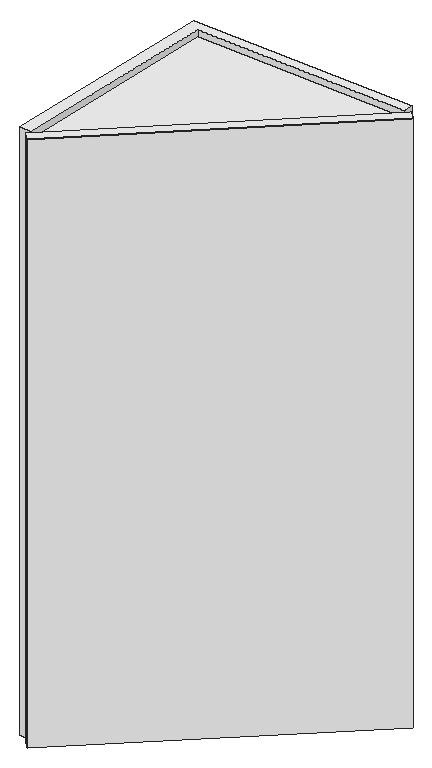
Revit family "Gaius Corner Mirror Cabinet_", category Casework, Revit 2012
Parameters (values of type "6532")
  URL = "www.korpinen.com"
  Model = "6533 Corner Mirror Cabinet"
  Material = Melamine White
  Manufacturer = "Korpinen Oy"
  Istallation Height [instance] = 1000 mm
  Depth = 0 mm
  Height = 900 mm
  Width = 0 mm
Types (3, lengths in mm): name | Model | Material
  (no name) | "6533 Corner Mirror Cabinet" | Melamine White
  6533 | "6533 Corner Cabinet" | Laminate White
  6532 | "6533 Corner Mirror Cabinet" | Melamine White
Reference planes
  plane 1 "Back": y = 0
  plane 2: z = 0
  plane 3 "Center (Left/Right)": x = 44.7
  plane 4 "Top": z = 1000
  plane 5: z = 1900
  plane 6: through (44.7, 0, 1200) normal (0.7071, 0.7071, 0)
Forms (mm)
  Extrusion 1, solid, material "Melamine White" <- "Material"
    sketch origin (2, 0, 0) x (1, 0, 0) y (0, 1, 0)
      loop
        line (42.7, 0) -> (42.7, -360) -> (60.7, -360) -> (60.7, -16) -> (402.7, -16) -> (402.7, 0) -> (42.7, 0)
    from 1000 to 1900
  Extrusion 2, solid, material "Melamine White" <- "Material"
    sketch origin (2, 0, 0) x (1, 0, 0) y (0, 1, 0)
      loop
        line (402.7, -16) -> (60.7, -16) -> (60.7, -358) -> (402.7, -16)
    from 1010 to 1026
  Extrusion 3, solid, material "Melamine White" <- "Material"
    sketch origin (0, 0, 1864) x (1, 0, 0) y (0, 1, 0)
      loop
        line (402.7, -16) -> (60.7, -16) -> (60.7, -358) -> (402.7, -16)
    from 10 to 26
  Extrusion 4, solid, material "Melamine White" <- "Material"
    sketch origin (4.828, -2.828, 0) x (1, 0, 0) y (0, 1, 0)
      loop
        line (54.924, -363.777) -> (66.237, -375.09) -> (419.791, -21.537) -> (408.477, -10.223) -> (54.924, -363.777)
    from 1000 to 1900
  Extrusion 5, solid, material "Mirror"
    sketch origin (16.142, -14.142, 0) x (1, 0, 0) y (0, 1, 0)
      loop
        line (54.924, -363.777) -> (57.752, -366.605) -> (411.305, -13.052) -> (408.477, -10.223) -> (54.924, -363.777)
    from 1000 to 1900
Lines and regions (mm)
  symbolic lines, style "Above Cutting Plane"
    curve 1: line (427.448, -27.194, 0) -> (73.894, -380.747, 0)
    curve 2: line (73.894, -380.747, 0) -> (44.7, -351.553, 0)
    curve 3: line (427.448, -27.194, 0) -> (400.254, 0, 0)
  symbolic lines, style "Above Cutting Plane", detail levels fine
    curve 4: line (427.448, -27.194, 0) -> (323.492, -516.268, 0)
    curve 5: arc (323.492, -516.268, 0) -> (188.868, -466.602, 0) -> (73.894, -380.747, 0) r 500
Dimensions and locks
  Extrusion 1 to Extrusion 1 = 360 mm  (x2)
  "Istallation Height": level to plane 4 "Top"
  "Height": plane 4 "Top" to plane 5
  plane 4 "Top" to Extrusion 2 to Extrusion 2 = 10 mm locked, 16 mm locked
  Extrusion 3 to Extrusion 3 to plane 5 = 16 mm locked, 10 mm locked
  aligned and locked: level to plane 2
  aligned and locked: plane 4 "Top" to Extrusion 1
  aligned and locked: plane 4 "Top" to Extrusion 4
  aligned and locked: plane 4 "Top" to Extrusion 5
  aligned and locked: Extrusion 5 to Extrusion 1
  aligned and locked: Extrusion 4 to Extrusion 1
  aligned and locked: Extrusion 1 to plane 5
Automatic sketch dimensions
  plane 1 "Back" to Extrusion 1 sketch curve = 0 mm
  plane 3 "Center (Left/Right)" to Extrusion 1 sketch curve = 0 mm
  plane 3 "Center (Left/Right)" to Extrusion 1 sketch curve = 18 mm
  plane 1 "Back" to Extrusion 1 sketch curve = 16 mm
  Extrusion 1 sketch curve to Extrusion 1 sketch curve = 344 mm
  plane 3 "Center (Left/Right)" to Extrusion 2 sketch curve = 18 mm
  plane 1 "Back" to Extrusion 2 sketch curve = 16 mm
  Extrusion 2 sketch curve to Extrusion 2 sketch curve = 342 mm  (x2)
  plane 3 "Center (Left/Right)" to Extrusion 3 sketch curve = 16 mm
  plane 1 "Back" to Extrusion 3 sketch curve = 16 mm
  Extrusion 3 sketch curve to Extrusion 3 sketch curve = 342 mm  (x2)
  plane 3 "Center (Left/Right)" to Extrusion 4 sketch curve = 15.052 mm
  Extrusion 4 sketch curve to Extrusion 4 sketch curve = 11.314 mm  (x2)
  plane 1 "Back" to Extrusion 4 sketch curve = 13.052 mm
  plane 3 "Center (Left/Right)" to Extrusion 5 sketch curve = 26.365 mm
  Extrusion 5 sketch curve to Extrusion 5 sketch curve = 2.828 mm  (x2)
  plane 1 "Back" to Extrusion 5 sketch curve = 24.365 mm
  Extrusion 1 sketch curve to Extrusion 1 sketch curve = 342 mm
  plane 3 "Center (Left/Right)" to Extrusion 4 sketch curve = 368.605 mm
  plane 3 "Center (Left/Right)" to Extrusion 5 sketch curve = 379.919 mm
  plane 1 "Back" to curve 3 = 0 mm
  plane 3 "Center (Left/Right)" to curve 2 = 0 mm
  plane 3 "Center (Left/Right)" to curve 2 = 29.194 mm
  plane 3 "Center (Left/Right)" to curve 4 = 278.791 mm
  plane 3 "Center (Left/Right)" to curve 3 = 355.553 mm
  curve 3 to curve 5 = 27.194 mm
  plane 1 "Back" to curve 3 = 27.194 mm
  curve 3 to curve 5 = 0 mm
  curve 5 to curve 1 = 135.52 mm
